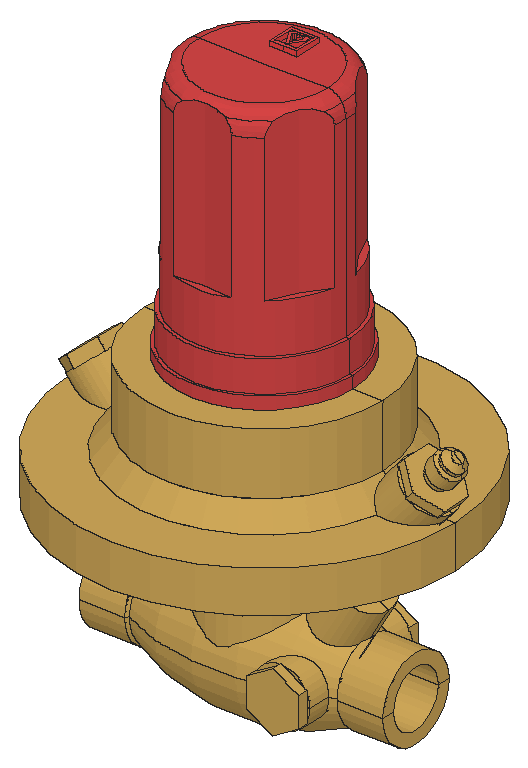
Revit family "Differenzdruckregler 4007_FIX_WE", category Rohrzubehör, Revit 2020
Family settings
  Bemaßung runder Anschluss = Durchmesser verwenden
  Teiletyp = Unterbricht
  OmniClass-Nummer = 23.65.55.14.24
  OmniClass-Titel = Mixing Valves for Liquid Services
  Arbeitsebenenbasiert = Nein
  Immer vertikal = Ja
  Beim Laden mit Abzugskörper schneiden = Nein
  Gemeinsam genutzt = Nein
Parameters
  t1 = 24.467 mm
  Vorgabe-Ansicht = 0.00 mm
  Min. Betriebstemperatur (reines Wasser) = 2 °C  # constant formula
  Min. Betriebstemperatur (Frostschutz, Messinggehäuse) = -20 °C  # constant formula
  Min. Betriebstemperatur (Frostschutz, Graugussgehäuse) = -10 °C  # constant formula
  Max. zulässige Betriebstemperatur = 95 °C  # constant formula
  Max. Differenzdruck am Gehäuse = 250000.0 Pa  # constant formula
  m4 [instance] = R03 - 11.00 mm  # 16.50 mm
  m3 = 4.00 mm
  m2 [instance] = R03 - 8.50 mm  # 19.00 mm
  m1 = 3.50 mm
  k9 = 17.65 mm
  k8 = 130.00°
  k7 = 9.45 mm
  k6 = 8.678 mm
  k5 = 11.83 mm
  k4 = 142.00°
  k3 = 63.00 mm
  k22 = 3.217 mm
  k21 = 28.72 mm
  k20 = 70.557 mm
  k2 = 49.08 mm
  k19 = 24.467 mm
  k18 = 24.467 mm
  k17 [instance] = 4.002 mm
  k16 = 7.283 mm
  k15 [instance] = size_lookup("4007_FIX_WE", "k15", 10.00 mm, Nennweite)  # 7.28 mm
  k14 = 101.662 mm
  k13 = 14.00 mm
  k12 = 39.276 mm
  k11 = 45.00 mm
  k10 = 20.56 mm
  k1 = 21.00 mm
  h2 [instance] = size_lookup("4007_FIX_WE", "h2", 18.75 mm, Nennweite)  # 18.75 mm
  h1 = 20.595 mm
  a3 = 9.50 mm
  a2 = 21.021 mm
  a1 = 9.50 mm
  Ventilgehäuse 4007 = "entzinkungsbeständiges Messing"  # constant formula
  URL = "www.herz-armaturen.at"
  Sollwertfeder = "nichtrostender Stahl"  # constant formula
  Schrauben [instance] = if(Nennweite = 15.00 mm, "4x M12x50", if(Nennweite = 20.00 mm, "4x M12x55", if(Nennweite = 25.00 mm, "4x M12x55", if(Nennweite = 32.00 mm, "4x M16x60", if(Nennweite = 40.00 mm, "4x M16x60", if(Nennweite = 50.00 mm, "4x M16x60", if(Nennweite = 65.00 mm, "4x M16x60", if(Nennweite = 80.00 mm, "8x M16x65", if(Nennweite = 100.00 mm, "8x M16x65", if(Nennweite = 125.00 mm, "8x M16x70", if(Nennweite = 150.00 mm, "8x M20x70", if(Nennweite = 200.00 mm, "12x M20x75", if(Nennweite = 250.00 mm, "12x M24x85", if(Nennweite = 300.00 mm, "12x M24x85", if(Nennweite = 350.00 mm, "16x M24x90", "16x M27x100")))))))))))))))  # "4x M12x50"
  SW [instance] = size_lookup("4007_FIX_WE", "SW", 13.50 mm, Nennweite)  # 13.50 mm
  SCRNSEQ = "ARM;ARM_TYP=\"DIFR\";2"
  SCRNCODE = "05;03;4"  # constant formula
  Rp [instance] = size_lookup("4007_FIX_WE", "Rp", 9.30 mm, Nennweite)  # 9.316 mm
  R04 [instance] = size_lookup("4007_FIX_WE", "R04", 19.50 mm, Nennweite)  # 19.50 mm
  R03 [instance] = size_lookup("4007_FIX_WE", "R03", 27.50 mm, Nennweite)  # 27.50 mm
  R02 [instance] = size_lookup("4007_FIX_WE", "R02", 12.70 mm, Nennweite)  # 12.70 mm
  R01 [instance] = size_lookup("4007_FIX_WE", "R01", 21.00 mm, Nennweite)  # 21.00 mm
  Nennweite [instance] = 15.00 mm
  Membrane und O-Ringe = "EPDM"  # constant formula
  Medium = "Die Verwendung von Ethylen- und Propylenglykol ist im Mischungsverhältnis 25 - 50 % zulässig.\r\nHeizwasserqualität entsprechend ÖNORM H 5195 bzw. VDI-Richtlinie 2035. Als Korrosionsschutz kann Helamin HS 190H oder Waterdos OXA30 verwendet werden."
  L03 [instance] = size_lookup("4007_FIX_WE", "L03", 35.00 mm, Nennweite)  # 35.00 mm
  L02 [instance] = size_lookup("4007_FIX_WE", "L02", 21.00 mm, Nennweite)  # 21.00 mm
  L01 [instance] = size_lookup("4007_FIX_WE", "L01", 15.00 mm, Nennweite)  # 15.00 mm
  L [instance] = size_lookup("4007_FIX_WE", "L", 100.00 mm, Nennweite)  # 100.00 mm
  Hinweise zum Material = "Im Hanf enthaltenes Ammoniak schädigt Messingventilgehäuse, EPDM Dichtungen werden durch Mineralöle bzw. mineralölhaltige Schmierstoffe aufgequollen und führen somit zum Ausfall der EPDM-Dichtungen. Frost- und Korrosionsschutzmittel auf der Basis von Ethylenglykol sind die entsprechenden Angaben den Unterlagen des Herstellers zu entnehmen."
  Hersteller = "HERZ-Armaturen Ges.m.b.H"  # constant formula
  DN80 [instance] = Nennweite = 80.00 mm  # no
  DN65-80 [instance] = or(Nennweite = 65.00 mm, Nennweite = 80.00 mm)  # no
  DN65 [instance] = Nennweite = 65.00 mm  # no
  DN50 [instance] = Nennweite = 50.00 mm  # no
  DN40 [instance] = Nennweite = 40.00 mm  # no
  DN32-40 [instance] = or(Nennweite = 32.00 mm, Nennweite = 40.00 mm)  # no
  DN32 [instance] = Nennweite = 32.00 mm  # no
  DN25 [instance] = Nennweite = 25.00 mm  # no
  DN20 [instance] = Nennweite = 20.00 mm  # no
  DN15-50 [instance] = or(Nennweite = 15.00 mm, Nennweite = 20.00 mm, Nennweite = 25.00 mm, Nennweite = 32.00 mm, Nennweite = 40.00 mm, Nennweite = 50.00 mm)  # yes
  DN15-20 [instance] = or(Nennweite = 15.00 mm, Nennweite = 20.00 mm)  # yes
  DN15 [instance] = Nennweite = 15.00 mm  # yes
  Max. Betriebsdruck = 1000000.0 Pa  # constant formula
  Bestellnummer [instance] = size_lookup("4007_FIX_WE", "Artnr", 0, Nennweite)  # 1400751
  B1 [instance] = size_lookup("4007_FIX_WE", "b1", 9.50 mm, Nennweite)  # 9.50 mm
  Anwendungsgebiet = "Der Differenzdruckregler ist ein Proportionalregler in Geradsitzausführung und arbeitet ohne Hilfsenergie. Der Differenzdruck- Sollwert ist fix auf 23 kPa eingestellt."
Reference planes
  plane 1 "Mitte (Vorne/hinten)": y = 0
  plane 2: z = 0
  plane 3 "Mitte (Links/rechts)": x = 0
Forms (mm)
  Revolve 1, solid, material "Messing, weicher Gelbton, geschweißt", detail levels fine
    sketch origin (0, 0, 0) x (1, 0, 0) y (0, 1, 0)
      loop
        line (-50, 9.316) -> (50, 9.316) -> (50, 13.5) -> (35, 13.5) -> (34.365, 12.7)
        arc (34.365, 12.7) -> (0, 21) -> (-34.365, 12.7) r 75.292
        line (-34.365, 12.7) -> (-35, 13.5) -> (-50, 13.5) -> (-50, 9.316)
      axis (50, 0) -> (-50, 0)
    angle from 0 to 360
  Revolve 2, solid, material "Messing, weicher Gelbton, geschweißt", detail levels fine
    sketch origin (0, 0, 0) x (1, 0, 0) y (0, 0, 1)
      loop
        line (-19.5, 35) -> (-19.5, 0) -> (0, 0) -> (0, 35) -> (-19.5, 35)
      axis (0, 35) -> (0, 0)
    angle from 0 to 360
  Revolve 3, solid, material "Messing, weicher Gelbton, geschweißt", detail levels fine
    sketch origin (0, 0, 1.88) x (1, 0, 0) y (0, 0, 1)
      loop
        line (0, 33.116) -> (0, 134.779) -> (-21, 134.779) -> (-21, 82.196) -> (-39.276, 82.196) -> (-39.276, 61.639) -> (-45.35, 54.4) -> (-63, 54.4) -> (-63, 40.4) -> (-54.322, 40.4) -> (-45, 33.116) -> (0, 33.116)
      axis (0, 134.779) -> (0, 33.116)
    angle from 0 to 360
  Revolve 4, solid, material "Messing, weicher Gelbton, geschweißt", visible <- "DN15", detail levels fine
    sketch origin (0, 0, 0) x (1, 0, 0) y (0, 0, 1)
      loop
        line (-22.014, 8.727) -> (-13.787, 13.477) -> (-24.773, 32.507) -> (-33, 27.757) -> (-22.014, 8.727)
      axis (-33, 27.757) -> (-22.014, 8.727)
    angle from 0 to 360
  Revolve 5, solid, material "Messing, weicher Gelbton, geschweißt", visible <- "DN15", detail levels fine
    sketch origin (0, 0, 0) x (-1, 0, 0) y (0, 0, 1)
      loop
        line (-22.014, 8.727) -> (-13.787, 13.477) -> (-24.773, 32.507) -> (-33, 27.757) -> (-22.014, 8.727)
      axis (-33, 27.757) -> (-22.014, 8.727)
    angle from 0 to 360
  Revolve 6, solid, material "Messing, weicher Gelbton, geschweißt", visible <- "DN20", detail levels fine
    sketch origin (-0.6, 0, 0.94) x (1, 0, 0) y (0, 0, 1)
      loop
        line (-22.014, 8.727) -> (-13.787, 13.477) -> (-24.773, 32.507) -> (-33, 27.757) -> (-22.014, 8.727)
      axis (-33, 27.757) -> (-22.014, 8.727)
    angle from 0 to 360
  Revolve 7, solid, material "Messing, weicher Gelbton, geschweißt", visible <- "DN20", detail levels fine
    sketch origin (0.6, 0, 0.94) x (-1, 0, 0) y (0, 0, 1)
      loop
        line (-22.014, 8.727) -> (-13.787, 13.477) -> (-24.773, 32.507) -> (-33, 27.757) -> (-22.014, 8.727)
      axis (-33, 27.757) -> (-22.014, 8.727)
    angle from 0 to 360
  Revolve 8, solid, material "Messing, weicher Gelbton, geschweißt", visible <- "DN25", detail levels fine
    sketch origin (-4.851, 0, 5.003) x (1, 0, 0) y (0, 0, 1)
      loop
        line (-22.014, 8.727) -> (-13.787, 13.477) -> (-24.773, 32.507) -> (-33, 27.757) -> (-22.014, 8.727)
      axis (-33, 27.757) -> (-22.014, 8.727)
    angle from 0 to 360
  Revolve 9, solid, material "Messing, weicher Gelbton, geschweißt", visible <- "DN25", detail levels fine
    sketch origin (4.851, 0, 5.003) x (-1, 0, 0) y (0, 0, 1)
      loop
        line (-22.014, 8.727) -> (-13.787, 13.477) -> (-24.773, 32.507) -> (-33, 27.757) -> (-22.014, 8.727)
      axis (-33, 27.757) -> (-22.014, 8.727)
    angle from 0 to 360
  Revolve 10, solid, material "Messing, weicher Gelbton, geschweißt", visible <- "DN32", detail levels fine
    sketch origin (-12.5, 0, 10.252) x (1, 0, 0) y (0, 0, 1)
      loop
        line (-22.014, 8.727) -> (-13.787, 13.477) -> (-24.773, 32.507) -> (-33, 27.757) -> (-22.014, 8.727)
      axis (-33, 27.757) -> (-22.014, 8.727)
    angle from 0 to 360
  Revolve 11, solid, material "Messing, weicher Gelbton, geschweißt", visible <- "DN32", detail levels fine
    sketch origin (12.5, 0, 10.252) x (-1, 0, 0) y (0, 0, 1)
      loop
        line (-22.014, 8.727) -> (-13.787, 13.477) -> (-24.773, 32.507) -> (-33, 27.757) -> (-22.014, 8.727)
      axis (-33, 27.757) -> (-22.014, 8.727)
    angle from 0 to 360
  Revolve 12, solid, material "Messing, weicher Gelbton, geschweißt", visible <- "DN40", detail levels fine
    sketch origin (-18.5, 0, 13.444) x (1, 0, 0) y (0, 0, 1)
      loop
        line (-22.014, 8.727) -> (-13.787, 13.477) -> (-24.773, 32.507) -> (-33, 27.757) -> (-22.014, 8.727)
      axis (-33, 27.757) -> (-22.014, 8.727)
    angle from 0 to 360
  Revolve 13, solid, material "Messing, weicher Gelbton, geschweißt", visible <- "DN40", detail levels fine
    sketch origin (18.5, 0, 13.444) x (-1, 0, 0) y (0, 0, 1)
      loop
        line (-22.014, 8.727) -> (-13.787, 13.477) -> (-24.773, 32.507) -> (-33, 27.757) -> (-22.014, 8.727)
      axis (-33, 27.757) -> (-22.014, 8.727)
    angle from 0 to 360
  Revolve 14, solid, material "Messing, weicher Gelbton, geschweißt", visible <- "DN50", detail levels fine
    sketch origin (-23.5, 0, 19.174) x (1, 0, 0) y (0, 0, 1)
      loop
        line (-22.014, 8.727) -> (-13.787, 13.477) -> (-24.773, 32.507) -> (-33, 27.757) -> (-22.014, 8.727)
      axis (-33, 27.757) -> (-22.014, 8.727)
    angle from 0 to 360
  Revolve 15, solid, material "Messing, weicher Gelbton, geschweißt", visible <- "DN50", detail levels fine
    sketch origin (23.5, 0, 19.174) x (-1, 0, 0) y (0, 0, 1)
      loop
        line (-22.014, 8.727) -> (-13.787, 13.477) -> (-24.773, 32.507) -> (-33, 27.757) -> (-22.014, 8.727)
      axis (-33, 27.757) -> (-22.014, 8.727)
    angle from 0 to 360
  Revolve 16, solid, material "Messing, weicher Gelbton, geschweißt", detail levels fine
    sketch origin (0, 0, 0) x (1, 0, 0) y (0, 1, 0)
      loop
        line (32, 0) -> (32, 21) -> (22.5, 21) -> (22.5, 0) -> (32, 0)
      axis (22.5, 21) -> (22.5, 0)
    angle from 0 to 360
  Revolve 17, solid, material "Messing, weicher Gelbton, geschweißt", detail levels fine
    sketch origin (0, 0, 0) x (1, 0, 0) y (0, -1, 0)
      loop
        line (32, 0) -> (32, 21) -> (22.5, 21) -> (22.5, 0) -> (32, 0)
      axis (22.5, 21) -> (22.5, 0)
    angle from 0 to 360
  Extrusion 18, solid, material "Messing, weicher Gelbton, geschweißt", visible <- "DN15-50", detail levels fine
    sketch origin (0, 0, 0) x (1, 0, 0) y (0, 0, -1)
      loop
        line (31, -4.907) -> (31, 4.907) -> (22.5, 9.815) -> (14, 4.907) -> (14, -4.907) -> (22.5, -9.815) -> (31, -4.907)
    from 21 to 24.5
  Extrusion 19, solid, material "Messing, weicher Gelbton, geschweißt", visible <- "DN15-50", detail levels fine
    sketch origin (0, 0, 0) x (1, 0, 0) y (0, 0, 1)
      loop
        line (31, 4.907) -> (22.5, 9.815) -> (14, 4.907) -> (14, -4.907) -> (22.5, -9.815) -> (31, -4.907) -> (31, 4.907)
    from 21 to 24.5
  Revolve 20, solid, material "Messing, weicher Gelbton, geschweißt", detail levels fine
    sketch origin (0, 0, 0) x (1, 0, 0) y (0, 0, 1)
      loop
        line (-54.637, 64.894) -> (-41.125, 48.791) -> (-33.848, 54.897) -> (-47.36, 71) -> (-54.637, 64.894)
      axis (-54.637, 64.894) -> (-41.125, 48.791)
    angle from 0 to 360
  Revolve 21, solid, material "Messing, weicher Gelbton, geschweißt", detail levels fine
    sketch origin (0, 0, 0) x (-1, 0, 0) y (0, 0, 1)
      loop
        line (-54.637, 64.894) -> (-41.125, 48.791) -> (-33.848, 54.897) -> (-47.36, 71) -> (-54.637, 64.894)
      axis (-54.637, 64.894) -> (-41.125, 48.791)
    angle from 0 to 360
  Extrusion 22, solid, material "Messing, weicher Gelbton, geschweißt", visible <- "DN15-20", detail levels fine
    sketch origin (-123.581, 0, 7.046) x (0.766044, 0, 0.642788) y (0, 1, 0)
      loop
        line (98.5, 4.907) -> (90, 9.815) -> (81.5, 4.907) -> (81.5, -4.907) -> (90, -9.815) -> (98.5, -4.907) -> (98.5, 4.907)
    from 0 to 4
  Extrusion 23, solid, material "Messing, weicher Gelbton, geschweißt", visible <- "DN15-20", detail levels fine
    sketch origin (-14.307, 0, 122.748) x (0.766044, 0, -0.642788) y (0, 1, 0)
      loop
        line (98.5, 4.907) -> (90, 9.815) -> (81.5, 4.907) -> (81.5, -4.907) -> (90, -9.815) -> (98.5, -4.907) -> (98.5, 4.907)
    from 0 to 3.4
  Revolve 24, solid, material "Messing, weicher Gelbton, geschweißt", visible <- "DN15-20", detail levels fine
    sketch origin (0, 0, 0) x (1, 0, 0) y (0, 0, 1)
      loop
        line (56.822, 67.502) -> (59.81, 64.995) -> (61.417, 66.91) -> (62.155, 66.29) -> (65.109, 69.81) -> (64.941, 71.133) -> (65.648, 71.975) -> (65.414, 74.652) -> (63.893, 75.928) -> (56.822, 67.502)
      axis (63.893, 75.928) -> (56.822, 67.502)
    angle from 0 to 360
  Extrusion 25, solid, material "Messing, weicher Gelbton, geschweißt", visible <- "DN25", detail levels fine
    sketch origin (-123.581, 0, 17.046) x (0.766044, 0, 0.642788) y (0, 1, 0)
      loop
        line (98.5, 4.907) -> (90, 9.815) -> (81.5, 4.907) -> (81.5, -4.907) -> (90, -9.815) -> (98.5, -4.907) -> (98.5, 4.907)
    from 0 to 4
  Extrusion 26, solid, material "Messing, weicher Gelbton, geschweißt", visible <- "DN25", detail levels fine
    sketch origin (-14.307, 0, 132.748) x (0.766044, 0, -0.642788) y (0, 1, 0)
      loop
        line (98.5, 4.907) -> (90, 9.815) -> (81.5, 4.907) -> (81.5, -4.907) -> (90, -9.815) -> (98.5, -4.907) -> (98.5, 4.907)
    from 0 to 3.4
  Revolve 27, solid, material "Messing, weicher Gelbton, geschweißt", visible <- "DN25", detail levels fine
    sketch origin (0, 0, 10) x (1, 0, 0) y (0, 0, 1)
      loop
        line (56.822, 67.502) -> (59.81, 64.995) -> (61.417, 66.91) -> (62.155, 66.29) -> (65.109, 69.81) -> (64.941, 71.133) -> (65.648, 71.975) -> (65.414, 74.652) -> (63.893, 75.928) -> (56.822, 67.502)
      axis (63.893, 75.928) -> (56.822, 67.502)
    angle from 0 to 360
  Extrusion 28, solid, material "Messing, weicher Gelbton, geschweißt", visible <- "DN32-40", detail levels fine
    sketch origin (-123.581, 0, 22.046) x (0.766044, 0, 0.642788) y (0, 1, 0)
      loop
        line (98.5, 4.907) -> (90, 9.815) -> (81.5, 4.907) -> (81.5, -4.907) -> (90, -9.815) -> (98.5, -4.907) -> (98.5, 4.907)
    from 0 to 4
  Extrusion 29, solid, material "Messing, weicher Gelbton, geschweißt", visible <- "DN32-40", detail levels fine
    sketch origin (-14.307, 0, 137.748) x (0.766044, 0, -0.642788) y (0, 1, 0)
      loop
        line (98.5, 4.907) -> (90, 9.815) -> (81.5, 4.907) -> (81.5, -4.907) -> (90, -9.815) -> (98.5, -4.907) -> (98.5, 4.907)
    from 0 to 3.4
  Revolve 30, solid, material "Messing, weicher Gelbton, geschweißt", visible <- "DN32-40", detail levels fine
    sketch origin (0, 0, 15) x (1, 0, 0) y (0, 0, 1)
      loop
        line (56.822, 67.502) -> (59.81, 64.995) -> (61.417, 66.91) -> (62.155, 66.29) -> (65.109, 69.81) -> (64.941, 71.133) -> (65.648, 71.975) -> (65.414, 74.652) -> (63.893, 75.928) -> (56.822, 67.502)
      axis (63.893, 75.928) -> (56.822, 67.502)
    angle from 0 to 360
  Extrusion 31, solid, material "Messing, weicher Gelbton, geschweißt", visible <- "DN50", detail levels fine
    sketch origin (-123.581, 0, 32.546) x (0.766044, 0, 0.642788) y (0, 1, 0)
      loop
        line (98.5, 4.907) -> (90, 9.815) -> (81.5, 4.907) -> (81.5, -4.907) -> (90, -9.815) -> (98.5, -4.907) -> (98.5, 4.907)
    from 0 to 4
  Extrusion 32, solid, material "Messing, weicher Gelbton, geschweißt", visible <- "DN50", detail levels fine
    sketch origin (-14.307, 0, 148.248) x (0.766044, 0, -0.642788) y (0, 1, 0)
      loop
        line (98.5, 4.907) -> (90, 9.815) -> (81.5, 4.907) -> (81.5, -4.907) -> (90, -9.815) -> (98.5, -4.907) -> (98.5, 4.907)
    from 0 to 3.4
  Revolve 33, solid, material "Messing, weicher Gelbton, geschweißt", visible <- "DN50", detail levels fine
    sketch origin (0, 0, 25.5) x (1, 0, 0) y (0, 0, 1)
      loop
        line (56.822, 67.502) -> (59.81, 64.995) -> (61.417, 66.91) -> (62.155, 66.29) -> (65.109, 69.81) -> (64.941, 71.133) -> (65.648, 71.975) -> (65.414, 74.652) -> (63.893, 75.928) -> (56.822, 67.502)
      axis (63.893, 75.928) -> (56.822, 67.502)
    angle from 0 to 360
  Extrusion 34, solid, material "Messing, weicher Gelbton, geschweißt", visible <- "DN65-80", detail levels fine
    sketch origin (31.509, 0, 0) x (1, 0, 0) y (0, 0, -1)
      loop
        line (1.991, -6.351) -> (1.991, 6.351) -> (-9.009, 12.702) -> (-20.009, 6.351) -> (-20.009, -6.351) -> (-9.009, -12.702) -> (1.991, -6.351)
    from 21 to 25
  Extrusion 35, solid, material "Messing, weicher Gelbton, geschweißt", visible <- "DN65-80", detail levels fine
    sketch origin (31.509, 0, 0) x (1, 0, 0) y (0, 0, 1)
      loop
        line (1.991, 6.351) -> (-9.009, 12.702) -> (-20.009, 6.351) -> (-20.009, -6.351) -> (-9.009, -12.702) -> (1.991, -6.351) -> (1.991, 6.351)
    from 21 to 25
  Revolve 36, solid, material "Messing, weicher Gelbton, geschweißt", visible <- "DN65", detail levels fine
    sketch origin (-32, 0, 28.317) x (1, 0, 0) y (0, 0, 1)
      loop
        line (-22.014, 8.727) -> (-13.787, 13.477) -> (-24.773, 32.507) -> (-33, 27.757) -> (-22.014, 8.727)
      axis (-33, 27.757) -> (-22.014, 8.727)
    angle from 0 to 360
  Revolve 37, solid, material "Messing, weicher Gelbton, geschweißt", visible <- "DN65", detail levels fine
    sketch origin (32, 0, 28.317) x (-1, 0, 0) y (0, 0, 1)
      loop
        line (-22.014, 8.727) -> (-13.787, 13.477) -> (-24.773, 32.507) -> (-33, 27.757) -> (-22.014, 8.727)
      axis (-33, 27.757) -> (-22.014, 8.727)
    angle from 0 to 360
  Revolve 38, solid, material "Messing, weicher Gelbton, geschweißt", visible <- "DN80", detail levels fine
    sketch origin (-41, 0, 35.243) x (1, 0, 0) y (0, 0, 1)
      loop
        line (-22.014, 8.727) -> (-13.787, 13.477) -> (-24.773, 32.507) -> (-33, 27.757) -> (-22.014, 8.727)
      axis (-33, 27.757) -> (-22.014, 8.727)
    angle from 0 to 360
  Revolve 39, solid, material "Messing, weicher Gelbton, geschweißt", visible <- "DN80", detail levels fine
    sketch origin (41, 0, 35.243) x (-1, 0, 0) y (0, 0, 1)
      loop
        line (-22.014, 8.727) -> (-13.787, 13.477) -> (-24.773, 32.507) -> (-33, 27.757) -> (-22.014, 8.727)
      axis (-33, 27.757) -> (-22.014, 8.727)
    angle from 0 to 360
  Revolve 40, solid, material "Messing, weicher Gelbton, geschweißt", detail levels fine
    sketch origin (0, 0, 1.7) x (1, 0, 0) y (0, 0, 1)
      loop
        line (0, 36.517) -> (-42, 36.517) -> (-42, 33.3) -> (0, 33.3) -> (0, 36.517)
      axis (0, 36.517) -> (0, 33.3)
    angle from 0 to 360
  Extrusion 41, solid, material "Messing, weicher Gelbton, geschweißt", visible <- "DN65", detail levels fine
    sketch origin (-123.581, 0, 40.263) x (0.766044, 0, 0.642788) y (0, 1, 0)
      loop
        line (98.5, 4.907) -> (90, 9.815) -> (81.5, 4.907) -> (81.5, -4.907) -> (90, -9.815) -> (98.5, -4.907) -> (98.5, 4.907)
    from 0 to 4
  Extrusion 42, solid, material "Messing, weicher Gelbton, geschweißt", visible <- "DN65", detail levels fine
    sketch origin (123.581, 0, 40.263) x (-0.766044, 0, 0.642788) y (0, -1, 0)
      loop
        line (98.5, -4.907) -> (98.5, 4.907) -> (90, 9.815) -> (81.5, 4.907) -> (81.5, -4.907) -> (90, -9.815) -> (98.5, -4.907)
    from 0 to 4
  Revolve 43, solid, material "Messing, weicher Gelbton, geschweißt", visible <- "DN65", detail levels fine
    sketch origin (0.386, 0, 33.676) x (1, 0, 0) y (0, 0, 1)
      loop
        line (56.822, 67.502) -> (59.81, 64.995) -> (61.417, 66.91) -> (62.155, 66.29) -> (65.109, 69.81) -> (64.941, 71.133) -> (65.648, 71.975) -> (65.414, 74.652) -> (63.893, 75.928) -> (56.822, 67.502)
      axis (63.893, 75.928) -> (56.822, 67.502)
    angle from 0 to 360
  Extrusion 44, solid, material "Messing, weicher Gelbton, geschweißt", visible <- "DN80", detail levels fine
    sketch origin (-123.581, 0, 41.963) x (0.766044, 0, 0.642788) y (0, 1, 0)
      loop
        line (98.5, 4.907) -> (90, 9.815) -> (81.5, 4.907) -> (81.5, -4.907) -> (90, -9.815) -> (98.5, -4.907) -> (98.5, 4.907)
    from 0 to 4
  Extrusion 45, solid, material "Messing, weicher Gelbton, geschweißt", visible <- "DN80", detail levels fine
    sketch origin (123.581, 0, 41.963) x (-0.766044, 0, 0.642788) y (0, -1, 0)
      loop
        line (98.5, -4.907) -> (98.5, 4.907) -> (90, 9.815) -> (81.5, 4.907) -> (81.5, -4.907) -> (90, -9.815) -> (98.5, -4.907)
    from 0 to 4
  Revolve 46, solid, material "Messing, weicher Gelbton, geschweißt", visible <- "DN80", detail levels fine
    sketch origin (0.386, 0, 35.376) x (1, 0, 0) y (0, 0, 1)
      loop
        line (56.822, 67.502) -> (59.81, 64.995) -> (61.417, 66.91) -> (62.155, 66.29) -> (65.109, 69.81) -> (64.941, 71.133) -> (65.648, 71.975) -> (65.414, 74.652) -> (63.893, 75.928) -> (56.822, 67.502)
      axis (63.893, 75.928) -> (56.822, 67.502)
    angle from 0 to 360
  Extrusion 47, solid, material "Messing, weicher Gelbton, geschweißt", visible <- "DN65", detail levels fine
    sketch origin (0, 0, 0) x (0, 1, 0) y (0, 0, -1)
      loop
        circle (0, 0.217) r 46
      loop
        circle (0, 0.217) r 42.499
    from 90 to 95
  Extrusion 48, solid, material "Messing, weicher Gelbton, geschweißt", visible <- "DN80", detail levels fine
    sketch origin (0, 0, 0) x (0, 1, 0) y (0, 0, 1)
      loop
        circle (0, -0.217) r 54
      loop
        circle (0, -0.217) r 50
    from -105 to -100
  Extrusion 49, solid, material "Messing, weicher Gelbton, geschweißt", visible <- "DN80", detail levels fine
    sketch origin (0, 0, 0) x (0, 1, 0) y (0, 0, -1)
      loop
        circle (0, 0.217) r 54
      loop
        circle (0, 0.217) r 50
    from -105 to -100
  Extrusion 50, solid, material "Messing, weicher Gelbton, geschweißt", visible <- "DN65", detail levels fine
    sketch origin (0, 0, 0) x (0, 1, 0) y (0, 0, 1)
      loop
        circle (0, -0.217) r 46
      loop
        circle (0, -0.217) r 42.499
    from 90 to 95
Lines and regions (mm)
  model lines, detail levels coarse+medium
    curve 1: spline (-63, 0, 49.28) -> (-60.853, 0, 51.092) -> (-54.56, 0, 52.78) -> (-44.548, 0, 54.23) -> (-31.5, 0, 55.342) -> (-16.306, 0, 56.041) -> (0, 0, 56.28) -> (16.306, 0, 56.041) -> (31.5, 0, 55.342) -> (44.548, 0, 54.23) -> (54.56, 0, 52.78) -> (60.853, 0, 51.092) -> (63, 0, 49.28) -> (60.853, 0, 47.468) -> (54.56, 0, 45.78) -> (44.548, 0, 44.33) -> (31.5, 0, 43.218) -> (16.306, 0, 42.519) -> (0, 0, 42.28) -> (-16.306, 0, 42.519) -> (-31.5, 0, 43.218) -> (-44.548, 0, 44.33) -> (-54.56, 0, 45.78) -> (-60.853, 0, 47.468) -> (-63, 0, 49.28)
    curve 2: line (50, 0, 13.5) -> (50, 0, -13.5)
    curve 3: line (50, 0, -13.5) -> (-50, 0, 13.5)
    curve 4: line (-50, 0, 13.5) -> (-50, 0, -13.5)
    curve 5: line (-50, 0, -13.5) -> (50, 0, 13.5)
    curve 6: line (25, 0, 6.75) -> (0, 0, 35)
    curve 7: line (-25, 0, 6.75) -> (0, 0, 35)
    curve 8: line (0, 0, 35) -> (0, 0, 42.28)
    curve 9: spline (-63, -49.28, 0) -> (-60.853, -47.468, 0) -> (-54.56, -45.78, 0) -> (-44.548, -44.33, 0) -> (-31.5, -43.218, 0) -> (-16.306, -42.519, 0) -> (0, -42.28, 0) -> (16.306, -42.519, 0) -> (31.5, -43.218, 0) -> (44.548, -44.33, 0) -> (54.56, -45.78, 0) -> (60.853, -47.468, 0) -> (63, -49.28, 0) -> (60.853, -51.092, 0) -> (54.56, -52.78, 0) -> (44.548, -54.23, 0) -> (31.5, -55.342, 0) -> (16.306, -56.041, 0) -> (0, -56.28, 0) -> (-16.306, -56.041, 0) -> (-31.5, -55.342, 0) -> (-44.548, -54.23, 0) -> (-54.56, -52.78, 0) -> (-60.853, -51.092, 0) -> (-63, -49.28, 0)
    curve 10: line (-50, 13.5, 0) -> (50, -13.5, 0)
    curve 11: line (50, -13.5, 0) -> (50, 13.5, 0)
    curve 12: line (50, 13.5, 0) -> (-50, -13.5, 0)
    curve 13: line (-50, -13.5, 0) -> (-50, 13.5, 0)
    curve 14: line (0, -35, 0) -> (0, -42.28, 0)
    curve 15: line (-16.667, -4.5, 0) -> (0, -35, 0)
    curve 16: line (16.667, -4.5, 0) -> (0, -35, 0)
Dimensions and locks
  "L": Revolve 1 sketch curve to Revolve 1 sketch curve
  equal spacing: Revolve 1 sketch curve, plane 3 "Mitte (Links/rechts)", Revolve 1 sketch curve  (x2)
  "Rp": plane 1 "Mitte (Vorne/hinten)" to Revolve 1 sketch curve
  "SW": plane 1 "Mitte (Vorne/hinten)" to Revolve 1 sketch curve
  "SW": Revolve 1 sketch curve to plane 1 "Mitte (Vorne/hinten)"
  "R02": plane 1 "Mitte (Vorne/hinten)" to Revolve 1 sketch curve  (x2)
  "R01": plane 1 "Mitte (Vorne/hinten)" to Revolve 1 sketch curve
  "L01": Revolve 1 sketch curve to Revolve 1 sketch curve  (x2)
  "L02": plane 1 "Mitte (Vorne/hinten)" to Revolve 16 sketch curve
  "R03": Revolve 16 sketch curve to Revolve 1
  "B1": Revolve 16 sketch curve to Revolve 16 sketch curve
  "B1": Revolve 17 sketch curve to Revolve 17 sketch curve
  "R03": Revolve 17 sketch curve to Revolve 1
  "L02": Revolve 17 sketch curve to plane 1 "Mitte (Vorne/hinten)"
  "L02": plane 1 "Mitte (Vorne/hinten)" to Extrusion 18
  "m2": Extrusion 18 to Revolve 1
  "m1": Extrusion 18 to Extrusion 18
  "L02": plane 1 "Mitte (Vorne/hinten)" to Extrusion 19
  "m2": Extrusion 19 to Revolve 1
  "m1": Extrusion 19 to Extrusion 19
  "R04": Revolve 2 sketch curve to plane 3 "Mitte (Links/rechts)"
  "L03": Revolve 2 sketch curve to plane 2
  "k1": Revolve 3 sketch curve to Revolve 3 sketch curve
  "k3": Revolve 3 sketch curve to Revolve 3 sketch curve
  "k5": Revolve 3 sketch curve to Revolve 3 sketch curve
  "k6": Revolve 3 sketch curve to Revolve 3 sketch curve
  "k7": Revolve 3 sketch curve to Revolve 3 sketch curve
  "k9": Revolve 3 sketch curve to Revolve 3 sketch curve
  "k11": Revolve 3 sketch curve to Revolve 3 sketch curve
  "k12": Revolve 3 sketch curve to Revolve 3 sketch curve
  "k13": Revolve 3 sketch curve to Revolve 3 sketch curve
  "k14": Revolve 3 sketch curve to Revolve 3 sketch curve
  "a1": Revolve 20 sketch curve to Revolve 20 sketch curve
  "a2": Revolve 20 sketch curve to Revolve 20 sketch curve
  "a2": Revolve 21 sketch curve to Revolve 21 sketch curve
  "a1": Revolve 21 sketch curve to Revolve 21 sketch curve
  "a3": Revolve 20 sketch curve to Revolve 20 sketch curve
  "a3": Revolve 21 sketch curve to Revolve 21 sketch curve
  "k15": Revolve 3 to Revolve 2
  "k16": Revolve 3 sketch curve to Revolve 3 sketch curve
  "k17": nested 1 to Revolve 3
  "k21": Revolve 20 sketch curve to Revolve 3
  "k21": Revolve 21 sketch curve to Revolve 3
  "h1": Revolve 3 to nested 2
  "h2": plane 1 "Mitte (Vorne/hinten)" to nested 2
  "m3": Extrusion 34 to Extrusion 34
  "m3": Extrusion 34 to Revolve 16
  "m4": Extrusion 34 to Revolve 1
  "m3": Extrusion 35 to Extrusion 35
  "m4": Extrusion 35 to Revolve 1
  "m3": Extrusion 35 to Revolve 17
  nested 1 to level = 170.005 mm
  "k22": Revolve 40 to Revolve 2
  "k2": Revolve 3 sketch curve to Revolve 3 sketch curve
  equal spacing: curve 4, plane 3 "Mitte (Links/rechts)", curve 2
  "L": curve 4 to curve 2
  "k3": plane 3 "Mitte (Links/rechts)" to curve 1
  "k13": curve 1 to curve 1
  "k15": curve 1 to Revolve 2
  "SW": curve 4 to plane 2
  "SW": plane 2 to curve 5
  "SW": curve 5 to plane 2 to curve 3
  equal spacing: curve 4, curve 7, curve 7, curve 6, curve 2
  "k3": curve 1 to plane 3 "Mitte (Links/rechts)"
  "L03": curve 8 to plane 2
  "k15": curve 8 to curve 8
  "k3": curve 9 to plane 3 "Mitte (Links/rechts)" to curve 9
  "k13": curve 9 to curve 9
  equal spacing: curve 13, curve 15, curve 16, curve 11
  "L": curve 13 to curve 11
  "SW": plane 1 "Mitte (Vorne/hinten)" to curve 13
  "SW": curve 13 to plane 1 "Mitte (Vorne/hinten)"
  "SW": plane 1 "Mitte (Vorne/hinten)" to curve 12
  "SW": curve 11 to plane 1 "Mitte (Vorne/hinten)"
  "k15": curve 16 to curve 14
  equal spacing: curve 13, plane 3 "Mitte (Links/rechts)", curve 11
  "L03": curve 16 to plane 1 "Mitte (Vorne/hinten)"
  "k4": angle Revolve 3 sketch curve to Revolve 3 sketch curve
  "k8": angle Revolve 3 sketch curve to Revolve 3 sketch curve
  aligned and locked: level to plane 2
Automatic sketch dimensions
  Revolve 4 sketch curve to plane 3 "Mitte (Links/rechts)" = 33.00 mm
  Revolve 4 sketch curve to Revolve 4 sketch curve = 8.227 mm
  level to Revolve 4 sketch curve = 8.727 mm  (x2)
  Revolve 4 sketch curve to Revolve 4 sketch curve = 10.987 mm
  Revolve 4 sketch curve to Revolve 4 sketch curve = 4.75 mm
  Revolve 4 sketch curve to Revolve 4 sketch curve = 0.00 mm  (x3)
  Revolve 5 sketch curve to plane 3 "Mitte (Links/rechts)" = 33.00 mm
  Revolve 5 sketch curve to Revolve 5 sketch curve = 8.227 mm
  Revolve 5 sketch curve to level = 8.727 mm  (x2)
  Revolve 5 sketch curve to Revolve 5 sketch curve = 10.987 mm
  Revolve 5 sketch curve to Revolve 5 sketch curve = 4.75 mm
  Revolve 5 sketch curve to Revolve 5 sketch curve = 0.00 mm  (x3)
  Revolve 6 sketch curve to plane 3 "Mitte (Links/rechts)" = 33.60 mm
  Revolve 6 sketch curve to Revolve 6 sketch curve = 8.227 mm
  level to Revolve 6 sketch curve = 9.668 mm  (x2)
  Revolve 6 sketch curve to Revolve 6 sketch curve = 10.987 mm
  Revolve 6 sketch curve to Revolve 6 sketch curve = 4.75 mm
  Revolve 6 sketch curve to Revolve 6 sketch curve = 0.00 mm  (x3)
  Revolve 7 sketch curve to plane 3 "Mitte (Links/rechts)" = 33.60 mm
  Revolve 7 sketch curve to Revolve 7 sketch curve = 8.227 mm
  Revolve 7 sketch curve to level = 9.668 mm  (x2)
  Revolve 7 sketch curve to Revolve 7 sketch curve = 10.987 mm
  Revolve 7 sketch curve to Revolve 7 sketch curve = 4.75 mm
  Revolve 7 sketch curve to Revolve 7 sketch curve = 0.00 mm  (x3)
  Revolve 8 sketch curve to plane 3 "Mitte (Links/rechts)" = 37.851 mm
  Revolve 8 sketch curve to Revolve 8 sketch curve = 8.227 mm
  level to Revolve 8 sketch curve = 13.731 mm
  Revolve 8 sketch curve to Revolve 8 sketch curve = 10.987 mm
  Revolve 8 sketch curve to Revolve 8 sketch curve = 4.75 mm
  Revolve 8 sketch curve to Revolve 8 sketch curve = 0.00 mm  (x4)
  Revolve 9 sketch curve to plane 3 "Mitte (Links/rechts)" = 37.851 mm
  Revolve 9 sketch curve to Revolve 9 sketch curve = 8.227 mm
  Revolve 9 sketch curve to level = 13.731 mm
  Revolve 9 sketch curve to Revolve 9 sketch curve = 10.987 mm
  Revolve 9 sketch curve to Revolve 9 sketch curve = 4.75 mm
  Revolve 9 sketch curve to Revolve 9 sketch curve = 0.00 mm  (x4)
  Revolve 10 sketch curve to plane 3 "Mitte (Links/rechts)" = 45.50 mm
  Revolve 10 sketch curve to Revolve 10 sketch curve = 8.227 mm
  Revolve 10 sketch curve to Revolve 10 sketch curve = 10.987 mm
  level to Revolve 10 sketch curve = 18.979 mm
  Revolve 10 sketch curve to Revolve 10 sketch curve = 4.75 mm
  Revolve 10 sketch curve to Revolve 10 sketch curve = 0.00 mm  (x4)
  Revolve 11 sketch curve to plane 3 "Mitte (Links/rechts)" = 45.50 mm
  Revolve 11 sketch curve to Revolve 11 sketch curve = 8.227 mm
  Revolve 11 sketch curve to Revolve 11 sketch curve = 10.987 mm
  Revolve 11 sketch curve to level = 18.979 mm
  Revolve 11 sketch curve to Revolve 11 sketch curve = 4.75 mm
  Revolve 11 sketch curve to Revolve 11 sketch curve = 0.00 mm  (x4)
  Revolve 12 sketch curve to plane 3 "Mitte (Links/rechts)" = 51.50 mm
  Revolve 12 sketch curve to Revolve 12 sketch curve = 8.227 mm
  Revolve 12 sketch curve to Revolve 12 sketch curve = 10.987 mm
  level to Revolve 12 sketch curve = 22.171 mm
  Revolve 12 sketch curve to Revolve 12 sketch curve = 4.75 mm
  Revolve 12 sketch curve to Revolve 12 sketch curve = 0.00 mm  (x4)
  Revolve 13 sketch curve to plane 3 "Mitte (Links/rechts)" = 51.50 mm
  Revolve 13 sketch curve to Revolve 13 sketch curve = 8.227 mm
  Revolve 13 sketch curve to Revolve 13 sketch curve = 10.987 mm
  Revolve 13 sketch curve to level = 22.171 mm
  Revolve 13 sketch curve to Revolve 13 sketch curve = 4.75 mm
  Revolve 13 sketch curve to Revolve 13 sketch curve = 0.00 mm  (x4)
  Revolve 14 sketch curve to plane 3 "Mitte (Links/rechts)" = 56.50 mm
  Revolve 14 sketch curve to Revolve 14 sketch curve = 8.227 mm
  Revolve 14 sketch curve to Revolve 14 sketch curve = 10.987 mm
  level to Revolve 14 sketch curve = 27.902 mm
  Revolve 14 sketch curve to Revolve 14 sketch curve = 4.75 mm
  Revolve 14 sketch curve to Revolve 14 sketch curve = 0.00 mm  (x4)
  Revolve 15 sketch curve to plane 3 "Mitte (Links/rechts)" = 56.50 mm
  Revolve 15 sketch curve to Revolve 15 sketch curve = 8.227 mm
  Revolve 15 sketch curve to Revolve 15 sketch curve = 10.987 mm
  Revolve 15 sketch curve to level = 27.902 mm
  Revolve 15 sketch curve to Revolve 15 sketch curve = 4.75 mm
  Revolve 15 sketch curve to Revolve 15 sketch curve = 0.00 mm  (x4)
  Extrusion 18 sketch curve to level = 4.907 mm  (x2)
  plane 3 "Mitte (Links/rechts)" to Extrusion 18 sketch curve = 14.00 mm
  level to Extrusion 18 sketch curve = 9.815 mm
  Extrusion 18 sketch curve to Extrusion 18 sketch curve = 8.50 mm  (x3)
  Extrusion 18 sketch curve to level = 9.815 mm
  level to Extrusion 18 sketch curve = 4.907 mm  (x2)
  Extrusion 19 sketch curve to level = 4.907 mm  (x2)
  plane 3 "Mitte (Links/rechts)" to Extrusion 19 sketch curve = 14.00 mm
  level to Extrusion 19 sketch curve = 9.815 mm
  Extrusion 19 sketch curve to Extrusion 19 sketch curve = 8.50 mm  (x3)
  Extrusion 19 sketch curve to level = 9.815 mm
  level to Extrusion 19 sketch curve = 4.907 mm  (x2)
  plane 3 "Mitte (Links/rechts)" to Revolve 24 sketch curve = 56.822 mm
  Revolve 24 sketch curve to Revolve 24 sketch curve = 2.988 mm
  Revolve 24 sketch curve to Revolve 24 sketch curve = 1.607 mm
  Revolve 24 sketch curve to Revolve 24 sketch curve = 0.738 mm
  Revolve 24 sketch curve to Revolve 24 sketch curve = 2.476 mm
  Revolve 24 sketch curve to Revolve 24 sketch curve = 1.048 mm
  Revolve 24 sketch curve to Revolve 24 sketch curve = 0.168 mm
  Revolve 24 sketch curve to Revolve 24 sketch curve = 1.521 mm
  Revolve 24 sketch curve to Revolve 24 sketch curve = 0.707 mm
  level to Revolve 24 sketch curve = 64.995 mm
  Revolve 24 sketch curve to Revolve 24 sketch curve = 1.295 mm
  Revolve 24 sketch curve to Revolve 24 sketch curve = 1.322 mm
  Revolve 24 sketch curve to Revolve 24 sketch curve = 0.843 mm
  Revolve 24 sketch curve to Revolve 24 sketch curve = 0.00 mm  (x4)
  plane 3 "Mitte (Links/rechts)" to Revolve 27 sketch curve = 56.822 mm
  Revolve 27 sketch curve to Revolve 27 sketch curve = 2.988 mm
  Revolve 27 sketch curve to Revolve 27 sketch curve = 1.607 mm
  Revolve 27 sketch curve to Revolve 27 sketch curve = 0.738 mm
  Revolve 27 sketch curve to Revolve 27 sketch curve = 2.476 mm
  Revolve 27 sketch curve to Revolve 27 sketch curve = 1.048 mm
  Revolve 27 sketch curve to Revolve 27 sketch curve = 0.168 mm
  Revolve 27 sketch curve to Revolve 27 sketch curve = 1.521 mm
  Revolve 27 sketch curve to Revolve 27 sketch curve = 0.707 mm
  level to Revolve 27 sketch curve = 74.995 mm
  Revolve 27 sketch curve to Revolve 27 sketch curve = 1.295 mm
  Revolve 27 sketch curve to Revolve 27 sketch curve = 1.322 mm
  Revolve 27 sketch curve to Revolve 27 sketch curve = 0.843 mm
  Revolve 27 sketch curve to Revolve 27 sketch curve = 0.00 mm  (x4)
  plane 3 "Mitte (Links/rechts)" to Revolve 30 sketch curve = 56.822 mm
  Revolve 30 sketch curve to Revolve 30 sketch curve = 2.988 mm
  Revolve 30 sketch curve to Revolve 30 sketch curve = 1.607 mm
  Revolve 30 sketch curve to Revolve 30 sketch curve = 0.738 mm
  Revolve 30 sketch curve to Revolve 30 sketch curve = 2.476 mm
  Revolve 30 sketch curve to Revolve 30 sketch curve = 1.048 mm
  Revolve 30 sketch curve to Revolve 30 sketch curve = 0.168 mm
  Revolve 30 sketch curve to Revolve 30 sketch curve = 1.521 mm
  Revolve 30 sketch curve to Revolve 30 sketch curve = 0.707 mm
  level to Revolve 30 sketch curve = 79.995 mm
  Revolve 30 sketch curve to Revolve 30 sketch curve = 1.295 mm
  Revolve 30 sketch curve to Revolve 30 sketch curve = 1.322 mm
  Revolve 30 sketch curve to Revolve 30 sketch curve = 0.843 mm
  Revolve 30 sketch curve to Revolve 30 sketch curve = 0.00 mm  (x4)
  plane 3 "Mitte (Links/rechts)" to Revolve 33 sketch curve = 56.822 mm
  Revolve 33 sketch curve to Revolve 33 sketch curve = 2.988 mm
  Revolve 33 sketch curve to Revolve 33 sketch curve = 1.607 mm
  Revolve 33 sketch curve to Revolve 33 sketch curve = 0.738 mm
  Revolve 33 sketch curve to Revolve 33 sketch curve = 2.476 mm
  Revolve 33 sketch curve to Revolve 33 sketch curve = 1.048 mm
  Revolve 33 sketch curve to Revolve 33 sketch curve = 0.168 mm
  Revolve 33 sketch curve to Revolve 33 sketch curve = 1.521 mm
  Revolve 33 sketch curve to Revolve 33 sketch curve = 0.707 mm
  level to Revolve 33 sketch curve = 90.495 mm
  Revolve 33 sketch curve to Revolve 33 sketch curve = 1.295 mm
  Revolve 33 sketch curve to Revolve 33 sketch curve = 1.322 mm
  Revolve 33 sketch curve to Revolve 33 sketch curve = 0.843 mm
  Revolve 33 sketch curve to Revolve 33 sketch curve = 0.00 mm  (x4)
  Extrusion 34 sketch curve to level = 6.351 mm  (x2)
  plane 3 "Mitte (Links/rechts)" to Extrusion 34 sketch curve = 11.50 mm
  level to Extrusion 34 sketch curve = 12.702 mm
  Extrusion 34 sketch curve to Extrusion 34 sketch curve = 11.00 mm  (x3)
  Extrusion 34 sketch curve to level = 12.702 mm
  level to Extrusion 34 sketch curve = 6.351 mm  (x2)
  Extrusion 35 sketch curve to level = 6.351 mm  (x2)
  plane 3 "Mitte (Links/rechts)" to Extrusion 35 sketch curve = 11.50 mm
  level to Extrusion 35 sketch curve = 12.702 mm
  Extrusion 35 sketch curve to Extrusion 35 sketch curve = 11.00 mm  (x3)
  Extrusion 35 sketch curve to level = 12.702 mm
  level to Extrusion 35 sketch curve = 6.351 mm  (x2)
  Revolve 36 sketch curve to plane 3 "Mitte (Links/rechts)" = 65.00 mm
  Revolve 36 sketch curve to Revolve 36 sketch curve = 8.227 mm
  Revolve 36 sketch curve to Revolve 36 sketch curve = 10.987 mm
  level to Revolve 36 sketch curve = 37.045 mm
  Revolve 36 sketch curve to Revolve 36 sketch curve = 4.75 mm
  Revolve 36 sketch curve to Revolve 36 sketch curve = 0.00 mm  (x4)
  Revolve 37 sketch curve to plane 3 "Mitte (Links/rechts)" = 65.00 mm
  Revolve 37 sketch curve to Revolve 37 sketch curve = 8.227 mm
  Revolve 37 sketch curve to Revolve 37 sketch curve = 10.987 mm
  Revolve 37 sketch curve to level = 37.045 mm
  Revolve 37 sketch curve to Revolve 37 sketch curve = 4.75 mm
  Revolve 37 sketch curve to Revolve 37 sketch curve = 0.00 mm  (x4)
  Revolve 38 sketch curve to plane 3 "Mitte (Links/rechts)" = 74.00 mm
  Revolve 38 sketch curve to Revolve 38 sketch curve = 8.227 mm
  Revolve 38 sketch curve to Revolve 38 sketch curve = 10.987 mm
  level to Revolve 38 sketch curve = 43.971 mm
  Revolve 38 sketch curve to Revolve 38 sketch curve = 4.75 mm
  Revolve 38 sketch curve to Revolve 38 sketch curve = 0.00 mm  (x4)
  Revolve 39 sketch curve to plane 3 "Mitte (Links/rechts)" = 74.00 mm
  Revolve 39 sketch curve to Revolve 39 sketch curve = 8.227 mm
  Revolve 39 sketch curve to Revolve 39 sketch curve = 10.987 mm
  Revolve 39 sketch curve to level = 43.971 mm
  Revolve 39 sketch curve to Revolve 39 sketch curve = 4.75 mm
  Revolve 39 sketch curve to Revolve 39 sketch curve = 0.00 mm  (x4)
  Revolve 40 sketch curve to plane 3 "Mitte (Links/rechts)" = 0.00 mm  (x2)
  Revolve 40 sketch curve to plane 3 "Mitte (Links/rechts)" = 42.00 mm
  level to Revolve 40 sketch curve = 35.00 mm
  Revolve 40 sketch curve to Revolve 40 sketch curve = 3.217 mm
  Revolve 40 sketch curve to Revolve 40 sketch curve = 0.00 mm  (x2)
  plane 3 "Mitte (Links/rechts)" to Revolve 43 sketch curve = 57.208 mm
  Revolve 43 sketch curve to Revolve 43 sketch curve = 2.988 mm
  Revolve 43 sketch curve to Revolve 43 sketch curve = 1.607 mm
  Revolve 43 sketch curve to Revolve 43 sketch curve = 0.738 mm
  Revolve 43 sketch curve to Revolve 43 sketch curve = 2.476 mm
  Revolve 43 sketch curve to Revolve 43 sketch curve = 1.048 mm
  Revolve 43 sketch curve to Revolve 43 sketch curve = 0.168 mm
  Revolve 43 sketch curve to Revolve 43 sketch curve = 1.521 mm
  Revolve 43 sketch curve to Revolve 43 sketch curve = 0.707 mm
  level to Revolve 43 sketch curve = 98.671 mm
  Revolve 43 sketch curve to Revolve 43 sketch curve = 1.295 mm
  Revolve 43 sketch curve to Revolve 43 sketch curve = 1.322 mm
  Revolve 43 sketch curve to Revolve 43 sketch curve = 0.843 mm
  Revolve 43 sketch curve to Revolve 43 sketch curve = 0.00 mm  (x4)
  plane 3 "Mitte (Links/rechts)" to Revolve 46 sketch curve = 57.208 mm
  Revolve 46 sketch curve to Revolve 46 sketch curve = 2.988 mm
  Revolve 46 sketch curve to Revolve 46 sketch curve = 1.607 mm
  Revolve 46 sketch curve to Revolve 46 sketch curve = 0.738 mm
  Revolve 46 sketch curve to Revolve 46 sketch curve = 2.476 mm
  Revolve 46 sketch curve to Revolve 46 sketch curve = 1.048 mm
  Revolve 46 sketch curve to Revolve 46 sketch curve = 0.168 mm
  Revolve 46 sketch curve to Revolve 46 sketch curve = 1.521 mm
  Revolve 46 sketch curve to Revolve 46 sketch curve = 0.707 mm
  level to Revolve 46 sketch curve = 100.371 mm
  Revolve 46 sketch curve to Revolve 46 sketch curve = 1.295 mm
  Revolve 46 sketch curve to Revolve 46 sketch curve = 1.322 mm
  Revolve 46 sketch curve to Revolve 46 sketch curve = 0.843 mm
  Revolve 46 sketch curve to Revolve 46 sketch curve = 0.00 mm  (x4)
  plane 1 "Mitte (Vorne/hinten)" to Extrusion 22 sketch curve = 4.907 mm  (x2)
  Extrusion 22 sketch curve to plane 1 "Mitte (Vorne/hinten)" = 9.815 mm
  Extrusion 22 sketch curve to Extrusion 22 sketch curve = 8.50 mm  (x3)
  plane 1 "Mitte (Vorne/hinten)" to Extrusion 22 sketch curve = 9.815 mm
  Extrusion 22 sketch curve to plane 1 "Mitte (Vorne/hinten)" = 4.907 mm  (x2)
  plane 1 "Mitte (Vorne/hinten)" to Extrusion 23 sketch curve = 4.907 mm  (x2)
  Extrusion 23 sketch curve to plane 1 "Mitte (Vorne/hinten)" = 9.815 mm
  Extrusion 23 sketch curve to Extrusion 23 sketch curve = 8.50 mm  (x3)
  plane 1 "Mitte (Vorne/hinten)" to Extrusion 23 sketch curve = 9.815 mm
  Extrusion 23 sketch curve to plane 1 "Mitte (Vorne/hinten)" = 4.907 mm  (x2)
  plane 1 "Mitte (Vorne/hinten)" to Extrusion 25 sketch curve = 4.907 mm  (x2)
  Extrusion 25 sketch curve to plane 1 "Mitte (Vorne/hinten)" = 9.815 mm
  Extrusion 25 sketch curve to Extrusion 25 sketch curve = 8.50 mm  (x3)
  plane 1 "Mitte (Vorne/hinten)" to Extrusion 25 sketch curve = 9.815 mm
  Extrusion 25 sketch curve to plane 1 "Mitte (Vorne/hinten)" = 4.907 mm  (x2)
  plane 1 "Mitte (Vorne/hinten)" to Extrusion 26 sketch curve = 4.907 mm  (x2)
  Extrusion 26 sketch curve to plane 1 "Mitte (Vorne/hinten)" = 9.815 mm
  Extrusion 26 sketch curve to Extrusion 26 sketch curve = 8.50 mm  (x3)
  plane 1 "Mitte (Vorne/hinten)" to Extrusion 26 sketch curve = 9.815 mm
  Extrusion 26 sketch curve to plane 1 "Mitte (Vorne/hinten)" = 4.907 mm  (x2)
  plane 1 "Mitte (Vorne/hinten)" to Extrusion 28 sketch curve = 4.907 mm  (x2)
  Extrusion 28 sketch curve to plane 1 "Mitte (Vorne/hinten)" = 9.815 mm
  Extrusion 28 sketch curve to Extrusion 28 sketch curve = 8.50 mm  (x3)
  plane 1 "Mitte (Vorne/hinten)" to Extrusion 28 sketch curve = 9.815 mm
  Extrusion 28 sketch curve to plane 1 "Mitte (Vorne/hinten)" = 4.907 mm  (x2)
  plane 1 "Mitte (Vorne/hinten)" to Extrusion 29 sketch curve = 4.907 mm  (x2)
  Extrusion 29 sketch curve to plane 1 "Mitte (Vorne/hinten)" = 9.815 mm
  Extrusion 29 sketch curve to Extrusion 29 sketch curve = 8.50 mm  (x3)
  plane 1 "Mitte (Vorne/hinten)" to Extrusion 29 sketch curve = 9.815 mm
  Extrusion 29 sketch curve to plane 1 "Mitte (Vorne/hinten)" = 4.907 mm  (x2)
  plane 1 "Mitte (Vorne/hinten)" to Extrusion 31 sketch curve = 4.907 mm  (x2)
  Extrusion 31 sketch curve to plane 1 "Mitte (Vorne/hinten)" = 9.815 mm
  Extrusion 31 sketch curve to Extrusion 31 sketch curve = 8.50 mm  (x3)
  plane 1 "Mitte (Vorne/hinten)" to Extrusion 31 sketch curve = 9.815 mm
  Extrusion 31 sketch curve to plane 1 "Mitte (Vorne/hinten)" = 4.907 mm  (x2)
  plane 1 "Mitte (Vorne/hinten)" to Extrusion 32 sketch curve = 4.907 mm  (x2)
  Extrusion 32 sketch curve to plane 1 "Mitte (Vorne/hinten)" = 9.815 mm
  Extrusion 32 sketch curve to Extrusion 32 sketch curve = 8.50 mm  (x3)
  plane 1 "Mitte (Vorne/hinten)" to Extrusion 32 sketch curve = 9.815 mm
  Extrusion 32 sketch curve to plane 1 "Mitte (Vorne/hinten)" = 4.907 mm  (x2)
  plane 1 "Mitte (Vorne/hinten)" to Extrusion 41 sketch curve = 4.907 mm  (x2)
  Extrusion 41 sketch curve to plane 1 "Mitte (Vorne/hinten)" = 9.815 mm
  Extrusion 41 sketch curve to Extrusion 41 sketch curve = 8.50 mm  (x3)
  plane 1 "Mitte (Vorne/hinten)" to Extrusion 41 sketch curve = 9.815 mm
  Extrusion 41 sketch curve to plane 1 "Mitte (Vorne/hinten)" = 4.907 mm  (x2)
  plane 1 "Mitte (Vorne/hinten)" to Extrusion 42 sketch curve = 4.907 mm  (x2)
  Extrusion 42 sketch curve to plane 1 "Mitte (Vorne/hinten)" = 9.815 mm
  Extrusion 42 sketch curve to Extrusion 42 sketch curve = 8.50 mm  (x3)
  plane 1 "Mitte (Vorne/hinten)" to Extrusion 42 sketch curve = 9.815 mm
  Extrusion 42 sketch curve to plane 1 "Mitte (Vorne/hinten)" = 4.907 mm  (x2)
  plane 1 "Mitte (Vorne/hinten)" to Extrusion 44 sketch curve = 4.907 mm  (x2)
  Extrusion 44 sketch curve to plane 1 "Mitte (Vorne/hinten)" = 9.815 mm
  Extrusion 44 sketch curve to Extrusion 44 sketch curve = 8.50 mm  (x3)
  plane 1 "Mitte (Vorne/hinten)" to Extrusion 44 sketch curve = 9.815 mm
  Extrusion 44 sketch curve to plane 1 "Mitte (Vorne/hinten)" = 4.907 mm  (x2)
  plane 1 "Mitte (Vorne/hinten)" to Extrusion 45 sketch curve = 4.907 mm  (x2)
  Extrusion 45 sketch curve to plane 1 "Mitte (Vorne/hinten)" = 9.815 mm
  Extrusion 45 sketch curve to Extrusion 45 sketch curve = 8.50 mm  (x3)
  plane 1 "Mitte (Vorne/hinten)" to Extrusion 45 sketch curve = 9.815 mm
  Extrusion 45 sketch curve to plane 1 "Mitte (Vorne/hinten)" = 4.907 mm  (x2)
  Extrusion 47 sketch curve to Extrusion 47 sketch curve = 0.00 mm  (x2)
  Extrusion 47 sketch curve to plane 1 "Mitte (Vorne/hinten)" = 0.00 mm
  Extrusion 47 sketch curve to level = 0.217 mm
  Extrusion 48 sketch curve to Extrusion 48 sketch curve = 0.00 mm  (x2)
  Extrusion 48 sketch curve to plane 1 "Mitte (Vorne/hinten)" = 0.00 mm
  Extrusion 48 sketch curve to level = 0.217 mm
  Extrusion 49 sketch curve to Extrusion 49 sketch curve = 0.00 mm  (x2)
  Extrusion 49 sketch curve to plane 1 "Mitte (Vorne/hinten)" = 0.00 mm
  Extrusion 49 sketch curve to level = 0.217 mm
  Extrusion 50 sketch curve to Extrusion 50 sketch curve = 0.00 mm  (x2)
  Extrusion 50 sketch curve to plane 1 "Mitte (Vorne/hinten)" = 0.00 mm
  Extrusion 50 sketch curve to level = 0.217 mm
  curve 15 to plane 3 "Mitte (Links/rechts)" = 0.00 mm
  Revolve 1 sketch curve to plane 1 "Mitte (Vorne/hinten)" = 0.00 mm
  Revolve 1 sketch curve to Revolve 1 sketch curve = 0.635 mm
  Revolve 1 sketch curve to Revolve 1 sketch curve = 1968.479 mm  (x2)
  Revolve 2 sketch curve to level = 0.00 mm  (x2)
  Revolve 2 sketch curve to plane 3 "Mitte (Links/rechts)" = 0.00 mm  (x2)
  Revolve 2 sketch curve to Revolve 2 sketch curve = 0.00 mm
  Revolve 3 sketch curve to plane 3 "Mitte (Links/rechts)" = 0.00 mm  (x2)
  level to Revolve 3 sketch curve = 34.997 mm
  Revolve 3 sketch curve to level = 364.164 mm
  Revolve 3 sketch curve to Revolve 3 sketch curve = 2079.533 mm
  plane 1 "Mitte (Vorne/hinten)" to Revolve 16 sketch curve = 0.00 mm  (x2)
  Revolve 16 sketch curve to Revolve 16 sketch curve = 0.00 mm
  Revolve 16 sketch curve to Revolve 16 sketch curve = 9.00 mm
  plane 1 "Mitte (Vorne/hinten)" to Revolve 17 sketch curve = 0.00 mm  (x2)
  Revolve 17 sketch curve to Revolve 17 sketch curve = 0.00 mm
  Revolve 17 sketch curve to Revolve 17 sketch curve = 9.00 mm
  Revolve 20 sketch curve to plane 3 "Mitte (Links/rechts)" = 54.637 mm
  Revolve 20 sketch curve to Revolve 20 sketch curve = 7.277 mm
  Revolve 20 sketch curve to Revolve 20 sketch curve = 2.703 mm
  Revolve 20 sketch curve to Revolve 20 sketch curve = 0.00 mm
  Revolve 21 sketch curve to plane 3 "Mitte (Links/rechts)" = 54.637 mm
  Revolve 21 sketch curve to Revolve 21 sketch curve = 7.277 mm
  Revolve 21 sketch curve to Revolve 21 sketch curve = 0.00 mm  (x2)
  Revolve 21 sketch curve to Revolve 21 sketch curve = 2.193 mm
  Revolve 21 sketch curve to Revolve 21 sketch curve = 2.613 mm
  radius of Extrusion 47 sketch curve = 46.00 mm
  radius of Extrusion 47 sketch curve = 42.499 mm
  radius of Extrusion 48 sketch curve = 54.00 mm
  radius of Extrusion 48 sketch curve = 50.00 mm
  radius of Extrusion 49 sketch curve = 54.00 mm
  radius of Extrusion 49 sketch curve = 50.00 mm
  radius of Extrusion 50 sketch curve = 46.00 mm
  radius of Extrusion 50 sketch curve = 42.499 mm
Nested families
  nested 1: "Handrad für Diff.Druckregler 4007" at (0, 0, 137.426), type "Handrad für Diff.Druckregler 4007", detail levels fine
    with Nennweite 0.00 mm, Gewicht 0.00 kg, Bestellnummer 0
  nested 2: "Herz-Logo-vorne" at (0, 19.482, 18.902) x (0, -1, 0) z (0, 0, 1), type "Herz-Logo-vorne", detail levels fine
Connectors
  piping at (-50, 0, 0), diameter 15, driven by "Nennweite"
    settings: on Revolve 1, index 1, connector inside diameter 609.6 mm, connector length 0.00 mm, flow factor 0, pipe flow 0.0 L/s, pressure drop 0.0 Pa, fitting loss kfactor 0, connector angle 0.00°, fixture units 0, engagement length 0.00 mm, angle of deflection 0.00°, flow configuration 0, flow direction 1, fitting loss method 0, system type 29, joint type 0, gender type 0, connector reference index -1, connector utility 0, adjustable connector no, is connector primary yes, connector description ""
  piping at (50, 0, 0), diameter 15, driven by "Nennweite"
    settings: on Revolve 1, index 2, connector inside diameter 609.6 mm, connector length 0.00 mm, flow factor 0, pipe flow 0.0 L/s, pressure drop 0.0 Pa, fitting loss kfactor 0, connector angle 0.00°, fixture units 0, engagement length 0.00 mm, angle of deflection 0.00°, flow configuration 0, flow direction 2, fitting loss method 0, system type 29, joint type 0, gender type 0, connector reference index -1, connector utility 0, adjustable connector no, is connector primary no, connector description ""
Definition of nested family "Handrad für Diff.Druckregler 4007"
  Parameters (values of type "Handrad für Diff.Druckregler 4007")
    Default Elevation = 0.00 mm
    URL = "www.herz-armaturen.at"
    Nennweite [instance] = 0.00 mm
    Manufacturer = "Herz Armaturen GmbH"  # constant formula
    Gewicht [instance] = 0.00 kg
    Bestellnummer [instance] = 0
  Reference planes
    plane 1 "Mitte (Vorne/hinten)": y = 0
    plane 2: z = 0
    plane 3 "Mitte (Links/rechts)": x = 0
  Forms (mm)
    Revolve 1, solid
      sketch origin (0, 0, 0) x (1, 0, 0) y (0, 0, 1)
        loop
          line (0, -53.347) -> (0, 32.383)
          arc (0, 32.383) -> (-10.634, 32.68) -> (-21.271, 32.578) r 283.606
          arc (-21.271, 32.578) -> (-23.831, 31.718) -> (-25.754, 29.822) r 6
          arc (-25.754, 29.822) -> (-26.682, 27.767) -> (-27, 25.535) r 8
          line (-27, 25.535) -> (-27, -38.847) -> (-28.3, -38.847) -> (-28.3, -49.347) -> (-29.3, -49.347) -> (-29.3, -53.347) -> (0, -53.347)
        axis (0, 32.578) -> (0, -53.347)
      angle from 0 to 360
    Extrusion 2, void
      sketch origin (51.706, 39.332, 0) x (-1, 0, 0) y (0, -1, 0)
        loop
          circle (51.706, -35.004) r 50
      from -22.422 to 45.066
    Extrusion 3, void
      sketch origin (51.706, -39.332, 0) x (-1, 0, 0) y (0, -1, 0)
        loop
          circle (51.706, 35.004) r 50
      from -22.422 to 45.066
    Extrusion 4, void
      sketch origin (59.915, -25.113, 0) x (-0.5, 0.866025, 0) y (-0.866025, -0.5, 0)
        loop
          circle (51.706, -35.004) r 50
      from -22.422 to 45.066
    Extrusion 5, void
      sketch origin (-8.21, -64.444, 0) x (-0.5, 0.866025, 0) y (-0.866025, -0.5, 0)
        loop
          circle (51.706, 35.004) r 50
      from -22.422 to 45.066
    Extrusion 6, void
      sketch origin (8.21, -64.444, 0) x (0.5, 0.866025, 0) y (-0.866025, 0.5, 0)
        loop
          circle (51.706, -35.004) r 50
      from -22.422 to 45.066
    Extrusion 7, void
      sketch origin (-59.915, -25.113, 0) x (0.5, 0.866025, 0) y (-0.866025, 0.5, 0)
        loop
          circle (51.706, 35.004) r 50
      from -22.422 to 45.066
  Cuts and joins
    Extrusion 2, Extrusion 3, Extrusion 4, Extrusion 5, Extrusion 6, Extrusion 7 cuts Revolve 1
  Dimensions and locks
    aligned and locked: level to plane 2
  Nested families
    nested 1: "Herz-Logo" at (0, 12.484, 32.543), type "Herz-Logo"
  Definition of nested family "Herz-Logo"
    Parameters (values of type "Herz-Logo")
      Default Elevation = 0.00 mm
    Reference planes
      plane 1 "Mitte (Vorne/hinten)": y = 0
      plane 2: z = 0
      plane 3 "Mitte (Links/rechts)": x = 0
    Forms (mm)
      Extrusion 1, solid
        sketch origin (0, 0, 0) x (1, 0, 0) y (0, 1, 0)
          loop
            line (-0.018, -4.517) -> (4.482, -4.517) -> (4.482, 4.483) -> (-4.518, 4.483) -> (-4.518, -4.517) -> (-0.018, -4.517)
          loop
            line (-0.05, -3.48) -> (3.482, -3.48) -> (3.482, 3.483) -> (-3.518, 3.483) -> (-3.518, -3.48) -> (-0.05, -3.48)
          loop
            arc (-0.018, 2.383) -> (-1.543, 3.287) -> (-3.067, 2.383) r 1.738
            arc (-3.067, 2.383) -> (-3.191, 1.899) -> (-3.067, 1.415) r 1.009
            line (-3.067, 1.415) -> (-0.018, -3.281) -> (3.032, 1.415)
            arc (3.032, 1.415) -> (3.156, 1.899) -> (3.032, 2.383) r 1.009
            arc (3.032, 2.383) -> (1.507, 3.287) -> (-0.018, 2.383) r 1.738
